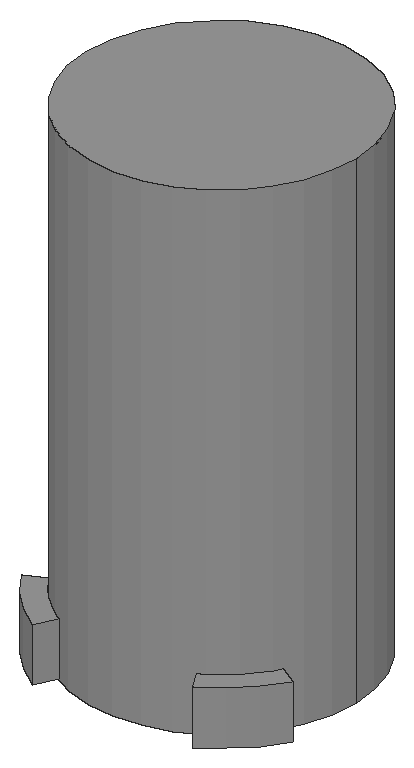
Revit family "АВЛН_Пылеулавливающая установка ", category Мебель, Revit 2019
Family settings
  Номер OmniClass = 23.40.20.00
  Заголовок OmniClass = General Furniture and Specialties
  На основе рабочей плоскости = Нет
  Всегда вертикально = Да
  При загрузке вырезать с полостями = Нет
  Общий = Нет
  Точка расчета площади = Нет
Parameters (values of type "Пылеулавливающая установка для металлорежущих")
  Описание = "Пылеулавливающая установка для металлорежущих станков; 600х650х2300мм; Э3Ф; 380В; N=2,2 кВт\r\nстепень очистки 99,5%; производительность\r\n1200м3/ч\r\n2 входных патрубка;"
  Type Comments = ""
  Keynote = ""
  Manufacturer = ""
  Диаметр опор = ADSK_Размер_Длина + 80 mm  # 580 mm
  Группа модели = "Оборудование основных помещений школы"
  ADSK_Размер_Ширина = ADSK_Размер_Длина  # 500 mm
  ADSK_Размер_Длина = 500 mm
  ADSK_Размер_Высота = 900 mm
  ADSK_Обозначение = "АПР-1200"
  ADSK_Масса = 0
  ADSK_Код изделия = ""
  ADSK_Единица измерения = "шт"  # constant formula
Reference planes
  plane 1 "По центру (Вперед/Назад)": y = 0
  plane 2: z = 0
  plane 3 "По центру (Влево/Вправо)": x = 0
  plane 4: z = 900
  plane 5: y = 250
  plane 6: x = 250
  plane 7: x = -250
  plane 8: y = -250
Forms (mm)
  Extrusion 1, solid, material "Металл, окрашенный, белый, матовый"
    sketch origin (0, -518.993, 592.976) x (-1, 0, 0) y (0, -1, 0)
      loop
        circle (0, -518.993) r 250
    from -592.976 to 307.024
  Extrusion 2, solid, material "Металл, окрашенный, белый, матовый"
    sketch origin (0, -518.993, 512.976) x (-1, 0, 0) y (0, -1, 0)
      loop
        arc (-146.969, -268.993) -> (-205.061, -313.932) -> (-250, -372.024) r 290
        line (-250, -372.024) -> (-215.517, -392.295)
        arc (-215.517, -392.295) -> (-176.777, -342.216) -> (-126.698, -303.476) r 250
        line (-126.698, -303.476) -> (-146.969, -268.993)
      loop
        line (146.969, -268.993) -> (128.912, -304.793)
        arc (128.912, -304.793) -> (176.777, -342.216) -> (214.2, -390.081) r 250
        line (214.2, -390.081) -> (250, -372.024)
        arc (250, -372.024) -> (205.061, -313.932) -> (146.969, -268.993) r 290
    from -512.976 to -412.976
Dimensions and locks
  plane 2 to plane 4 = 900 mm
  equal spacing: plane 8, plane 1 "По центру (Вперед/Назад)", plane 5
  equal spacing: plane 7, plane 3 "По центру (Влево/Вправо)", plane 6
  "ADSK_Размер_Длина": plane 7 to plane 6
  "ADSK_Размер_Ширина": plane 5 to plane 8
  "ADSK_Размер_Высота": plane 2 to plane 4
  locked: level to Extrusion 2 at 100
  "ADSK_Размер_Длина": diameter of Extrusion 1 sketch curve
  "Диаметр опор": diameter of Extrusion 2 sketch curve  (x2)
  aligned and locked: level to plane 2
  aligned and locked: Extrusion 1 to level
  aligned and locked: Extrusion 1 to plane 4
  aligned and locked: Extrusion 2 sketch curve to Extrusion 1  (x2)
  aligned and locked: Extrusion 2 to level
Automatic sketch dimensions
  plane 1 "По центру (Вперед/Назад)" to Extrusion 1 sketch curve = 0 mm
  Extrusion 1 sketch curve to plane 3 "По центру (Влево/Вправо)" = 0 mm
  Extrusion 2 sketch curve to Extrusion 2 sketch curve = 0 mm  (x4)
  Extrusion 2 sketch curve to plane 6 = 0 mm
  Extrusion 2 sketch curve to plane 8 = 0 mm  (x2)
  Extrusion 2 sketch curve to plane 7 = 0 mm
  plane 8 to Extrusion 2 sketch curve = 35.8 mm
  plane 7 to Extrusion 2 sketch curve = 35.8 mm
  Extrusion 2 sketch curve to plane 6 = 34.483 mm
  plane 8 to Extrusion 2 sketch curve = 34.483 mm
